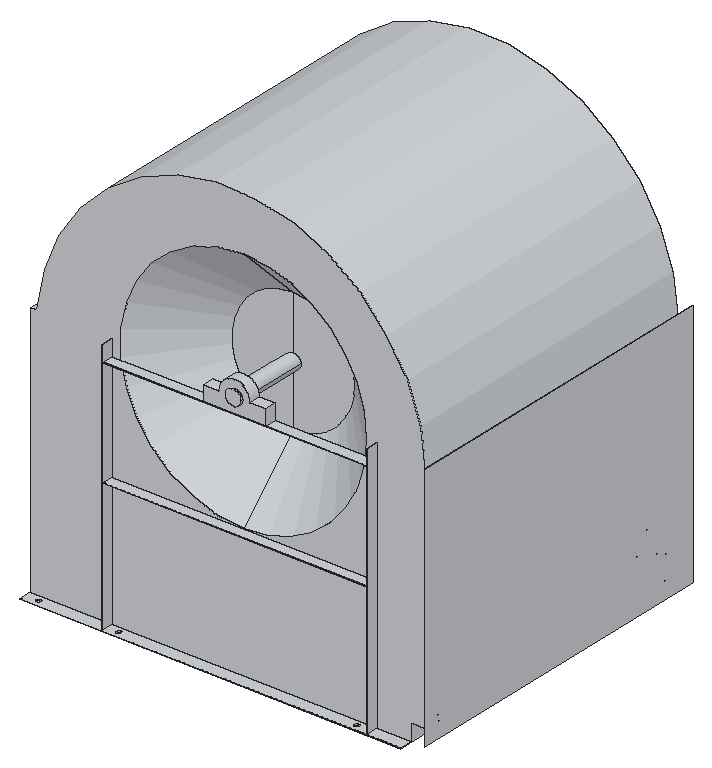
Revit family "CA_DWDI_CW_BHD", category Mechanical Equipment, Revit 2019
Family settings
  Round Connector Dimension = Use Radius
  Part Type = Normal
  Work Plane-Based = No
  Always vertical = Yes
  Cut with Voids When Loaded = No
  Shared = No
  Room Calculation Point = No
Parameters (values of type "490_CA-DWDI_CW_BHD_CLASS_3")
  X/2 = X / 2  # 3' - 2 3/4"
  X = 6' - 5 1/2"
  W/2 = W / 2  # 0' - 0 17/32"
  W = 0' - 1 1/16"
  V = 1' - 6"
  Unit Weight [instance] = ""
  U = 2' - 2 1/2"
  T = 3' - 0 13/16"
  Sones [instance] = ""
  S = 6' - 1 5/8"
  R/2 = R / 2  # 0' - 1 23/32"
  R+R = R + R  # 0' - 6 7/8"
  R = 0' - 3 7/16"
  P-N-M = P - N - M  # 0' - 2 1/2"
  P-N = -(P - N)  # -6' - 6 5/8"
  P = 7' - 6 5/8"
  N = 1' - 0"
  Motor RPM [instance] = ""
  Motor Enclosure [instance] = ""
  ModelID [instance] = ""
  M/2 = M / 2  # 3' - 2 1/16"
  M = 6' - 4 1/8"
  LwA [instance] = ""
  L = M / 2  # 3' - 2 1/16"
  K = 7' - 1"
  J = 3' - 11 9/16"
  INLET/2 = INLET / 2  # 2' - 3 1/2"
  INLET = 4' - 7"
  H = 7' - 5 3/4"
  G/5*3 = INLET / 2  # 2' - 3 1/2"
  G/10*3 = INLET / 4  # 1' - 1 3/4"
  G-2.5" = G - R  # 4' - 5 9/16"
  G-(G/5*3) = G - (INLET / 2)  # 2' - 5 1/2"
  G+((G/5*3)+2") = G + INLET + 0' 2"  # 9' - 6"
  G = 4' - 9"
  Fan RPM [instance] = ""
  F-((D-A)/2) = F - ((D - A) / 2)  # 7' - 10 17/32"
  F = 8' - 0 3/4"
  E/2 = E / 2  # 3' - 1 9/32"
  E = 6' - 2 9/16"
  D/2 = D / 2  # 2' - 3 23/32"
  D = 4' - 7 7/16"
  BHD_L = 0' - 3 3/4"
  B/2 = B / 2  # 2' - 11 1/16"
  B+.25" = B + 0' 0 1/4"  # 5' - 10 3/8"
  B = 5' - 10 1/8"
  Accessories [instance] = ""
  A/2 = A / 2  # 2' - 1 1/2"
  A+.25" = A + 0' 0 1/4"  # 4' - 3 1/4"
  A = 4' - 3"
  3" = 0' - 3"  # constant formula
  Brake Hp [instance] = ""
  4" = 0' - 4"  # constant formula
  2' = 2' - 0"
  2" = 0' - 2"  # constant formula
  1" = 0' - 1"  # constant formula
  0 = 0' - 0"  # constant formula
  Voltage [instance] = 0 V
  URL = "www.lorencook.com"
  Type Comments = "Airfoil Centrifugal Blower Clockwise Bottom Horizontal Arrangement 3 Class 3"
  Static Pressure [instance] = 0.00 in-wg
  Power [instance] = Voltage * Motor FLA * sqrt(if(Phase = 3, 3, 1))  # 0 VA
  Phase [instance] = 0
  Number of Poles [instance] = 1
  Motor Hp [instance] = "0"
  Motor FLA [instance] = 0 A
  Model = "CA DWDI"  # constant formula
  Manufacturer = "Loren Cook Company"
  CFM [instance] = 0 CFM
  1.5 = 0' - 1 1/2"  # constant formula
  ONE EIGTH = 0' - 0 1/8"  # constant formula
  -P = -P  # -7' - 6 5/8"
  -((B+.25")/2) = -((B + 0' 0 1/4") / 2)  # -2' - 11 3/16"
  (M-(B+.25"))/2 = (M - (B + 0' 0 1/4")) / 2  # 0' - 2 7/8"
  (G/5*3)+2" = INLET / 2 + 0' 2"  # 2' - 5 1/2"
  (D-A-.25")/2 = (D - A - 0' 0 1/4") / 2  # 0' - 2 3/32"
  ((B+.25")/2) = ((B + 0' 0 1/4") / 2)  # 2' - 11 3/16"
Reference planes (in)
  plane 1 "Center (Front/Back)": y = 0
  plane 2: z = 0
  plane 3 "Center (Left/Right)": x = 0.40541
Forms (in)
  Extrusion 1, solid
    sketch origin (0, 0, 0) x (1, 0, 0) y (0, 0, 1)
      loop
        arc (41.09291, 55) -> (-1.34287, 96.73845) -> (-45.65709, 57) r 43.47187
        line (-45.65709, 57) -> (-47.15709, 57) -> (-47.15709, 0) -> (37.84291, 0) -> (37.84291, 3.75) -> (42.59291, 3.75) -> (42.59291, 55) -> (41.09291, 55)
    from -35.1875 <- "-((B+.25")/2)" to 35.1875 <- "((B+.25")/2)"
  Revolve 2, void
    sketch origin (0.40541, 0, 0) x (0, 1, 0) y (0, 0, 1)
      loop
        line (35.1875, 84.5) -> (21.4375, 70.75) -> (21.4375, 57) -> (35.1875, 57) -> (35.1875, 84.5)
      loop
        line (-35.1875, 84.5) -> (-35.1875, 57) -> (-21.4375, 57) -> (-21.4375, 70.75) -> (-35.1875, 84.5)
      axis (35.1875, 57) -> (-35.1875, 57)
    angle from 0 to 360
  Extrusion 3, solid
    sketch origin (42.59291, 0, 55) x (0, 0, -1) y (0, 1, 0)
      loop
        line (-2.09375, -37.28125) -> (53.34375, -37.28125) -> (53.34375, 37.28125) -> (-2.09375, 37.28125) -> (-2.09375, -37.28125)
    from 0 to -0.125
  Extrusion 4, solid
    sketch origin (0, 0, 0) x (1, 0, 0) y (0, 1, 0)
      loop
        line (37.84291, 38.0625) -> (-47.15709, 38.0625) -> (-47.15709, 35.1875) -> (37.84291, 35.1875) -> (37.84291, 38.0625)
      loop
        line (-47.15709, -38.0625) -> (37.84291, -38.0625) -> (37.84291, -35.1875) -> (-47.15709, -35.1875) -> (-47.15709, -38.0625)
    from 0 to 0.125
  Extrusion 5, void
    sketch origin (0, 0, 0) x (1, 0, 0) y (0, 1, 0)
      loop
        circle (26.90541, 36.8125) r 0.53125
      loop
        circle (-26.09459, 36.8125) r 0.53125
      loop
        circle (-44.09459, 36.8125) r 0.53125
      loop
        circle (-44.09459, -36.8125) r 0.53125
      loop
        circle (-26.09459, -36.8125) r 0.53125
      loop
        circle (26.90541, -36.8125) r 0.53125
    from 0 to 0.125
  Extrusion 6, solid
    sketch origin (-47.15709, -38.0625, 0) x (1, 0, 0) y (0, 0, 1)
      loop
        circle (47.5625, 57) r 1.71875
    from 0 <- "0" to -90.625 <- "-P"
  Extrusion 7, solid
    sketch origin (0, -35.1875, 0) x (1, 0, 0) y (0, 0, 1)
      loop
        line (29.90541, 57) -> (29.90541, 0) -> (30.03041, 0) -> (30.03041, 57) -> (29.90541, 57)
      loop
        line (-29.09459, 0) -> (-29.09459, 57) -> (-29.21959, 57) -> (-29.21959, 0) -> (-29.09459, 0)
    from 0 to 2.5 <- "P-N-M"
  Extrusion 8, solid
    sketch origin (0, -35.1875, 0) x (1, 0, 0) y (0, 0, 1)
      loop
        line (-29.09459, 29.5) -> (-29.09459, 29.375) -> (29.90541, 29.375) -> (29.90541, 29.5) -> (-29.09459, 29.5)
      loop
        line (29.90541, 53.5625) -> (-29.09459, 53.5625) -> (-29.09459, 53.4375) -> (29.90541, 53.4375) -> (29.90541, 53.5625)
    from 0 to 2.5 <- "P-N-M"
  Extrusion 9, solid
    sketch origin (0, -35.1875, 0) x (1, 0, 0) y (0, 0, 1)
      loop
        arc (3.84291, 57) -> (0.40542, 60.4375) -> (-3.03209, 57.00001) r 3.4375
        line (-3.03209, 57.00001) -> (-6.46959, 57) -> (-6.46959, 53.5625) -> (7.28041, 53.5625) -> (7.28041, 57) -> (3.84291, 57)
    from 0 to 2.5 <- "P-N-M"
  Extrusion 10, solid
    sketch origin (0, 35.1875, 0) x (-1, 0, 0) y (0, 0, 1)
      loop
        line (-29.90541, 0.125) -> (-29.90541, 57) -> (-30.03041, 57) -> (-30.03041, 0.125) -> (-29.90541, 0.125)
      loop
        line (29.09459, 57) -> (29.09459, 0.125) -> (29.21959, 0.125) -> (29.21959, 57) -> (29.09459, 57)
    from 0 to 2.5 <- "P-N-M"
  Extrusion 11, solid
    sketch origin (0, 35.1875, 0) x (-1, 0, 0) y (0, 0, 1)
      loop
        line (29.09459, 53.5625) -> (-29.90541, 53.5625) -> (-29.90541, 53.4375) -> (29.09459, 53.4375) -> (29.09459, 53.5625)
      loop
        line (-29.90541, 29.5) -> (-29.90541, 29.375) -> (29.09459, 29.375) -> (29.09459, 29.5) -> (-29.90541, 29.5)
    from 0 to 2.5 <- "P-N-M"
  Extrusion 12, solid
    sketch origin (0, 35.1875, 0) x (-1, 0, 0) y (0, 0, 1)
      loop
        arc (3.03209, 57) -> (-0.40541, 60.4375) -> (-3.84291, 57) r 3.4375
        line (-3.84291, 57) -> (-7.28041, 57) -> (-7.28041, 53.5625) -> (6.46959, 53.5625) -> (6.46959, 57) -> (3.03209, 57)
    from 0 to 2.5 <- "P-N-M"
Cuts and joins
  Revolve 2, Extrusion 5 cuts Extrusion 1
  Extrusion 5 cuts Extrusion 4
Dimensions and locks (in)
  "A+.25"": Extrusion 1 sketch curve to Extrusion 1 sketch curve
  "0": Extrusion 1 to Revolve 2 sketch curve
  "0": Revolve 2 sketch curve to Extrusion 1
  "G": level to Revolve 2 sketch curve
  "G": Revolve 2 sketch curve to level  (x2)
  "G/10*3": Revolve 2 sketch curve to Revolve 2 sketch curve  (x4)
  "E/2": Extrusion 3 sketch curve to plane 1 "Center (Front/Back)"
  "E/2": plane 1 "Center (Front/Back)" to Extrusion 3 sketch curve
  "D": Extrusion 3 sketch curve to Extrusion 3 sketch curve
  "0": cut or joined group of Extrusion 1, Revolve 2, Extrusion 5 to Extrusion 4 sketch curve  (x3)
  "0": Extrusion 4 sketch curve to cut or joined group of Extrusion 1, Revolve 2, Extrusion 5
  "M/2": Extrusion 4 sketch curve to plane 1 "Center (Front/Back)"
  "M/2": plane 1 "Center (Front/Back)" to Extrusion 4 sketch curve
  "T": plane 1 "Center (Front/Back)" to Extrusion 5 sketch curve  (x3)
  "T": Extrusion 5 sketch curve to plane 1 "Center (Front/Back)"  (x3)
  "U": Extrusion 5 sketch curve to plane 3 "Center (Left/Right)"  (x2)
  "U": plane 3 "Center (Left/Right)" to Extrusion 5 sketch curve  (x2)
  "V": Extrusion 5 sketch curve to Extrusion 5 sketch curve  (x2)
  "G": Extrusion 6 sketch curve to level
  "0": Extrusion 6 sketch curve to plane 3 "Center (Left/Right)"
  "0": Extrusion 7 sketch curve to level  (x2)
  "ONE EIGTH": Extrusion 7 sketch curve to Extrusion 7 sketch curve  (x2)
  "(G/5*3)+2"": Extrusion 7 sketch curve to plane 3 "Center (Left/Right)"
  "(G/5*3)+2"": plane 3 "Center (Left/Right)" to Extrusion 7 sketch curve
  "G": Extrusion 7 sketch curve to level  (x2)
  "(G/5*3)+2"": Extrusion 8 sketch curve to plane 3 "Center (Left/Right)"  (x2)
  "(G/5*3)+2"": plane 3 "Center (Left/Right)" to Extrusion 8 sketch curve  (x2)
  "ONE EIGTH": Extrusion 8 sketch curve to Extrusion 8 sketch curve  (x2)
  "G-(G/5*3)": Extrusion 8 sketch curve to level
  "G-2.5"": Extrusion 8 sketch curve to level
  "R+R": plane 3 "Center (Left/Right)" to Extrusion 9 sketch curve
  "R+R": Extrusion 9 sketch curve to plane 3 "Center (Left/Right)"
  "0": Extrusion 9 sketch curve to plane 3 "Center (Left/Right)"
  "G": Extrusion 9 sketch curve to cut or joined group of Extrusion 4, Extrusion 5
  "0": Extrusion 9 sketch curve to Extrusion 9 sketch curve  (x2)
  "0": Extrusion 9 sketch curve to Extrusion 8
  "ONE EIGTH": level to Extrusion 10 sketch curve  (x2)
  "0": Extrusion 10 sketch curve to Extrusion 7
  "ONE EIGTH": Extrusion 10 sketch curve to Extrusion 10 sketch curve  (x2)
  "(G/5*3)+2"": Extrusion 10 sketch curve to plane 3 "Center (Left/Right)"
  "(G/5*3)+2"": plane 3 "Center (Left/Right)" to Extrusion 10 sketch curve
  "(G/5*3)+2"": Extrusion 11 sketch curve to plane 3 "Center (Left/Right)"  (x2)
  "(G/5*3)+2"": plane 3 "Center (Left/Right)" to Extrusion 11 sketch curve  (x2)
  "ONE EIGTH": Extrusion 11 sketch curve to Extrusion 11 sketch curve  (x2)
  "0": Extrusion 8 to Extrusion 11 sketch curve  (x2)
  "0": Extrusion 12 sketch curve to Extrusion 11
  "G": level to Extrusion 12 sketch curve  (x3)
  "R+R": plane 3 "Center (Left/Right)" to Extrusion 12 sketch curve
  "R+R": Extrusion 12 sketch curve to plane 3 "Center (Left/Right)"
  "0": Extrusion 12 sketch curve to plane 3 "Center (Left/Right)"
  "INLET/2": Revolve 2 sketch curve to Revolve 2 sketch curve  (x2)
  "BHD_L": Extrusion 1 sketch curve to level
  "H": Extrusion 1 sketch curve to Extrusion 1 sketch curve
  "K": Extrusion 1 sketch curve to Extrusion 1 sketch curve
  "J": plane 3 "Center (Left/Right)" to Extrusion 1 sketch curve
  "0": Extrusion 1 sketch curve to level
  "G": Extrusion 1 sketch curve to level
  "1.5": Extrusion 1 sketch curve to Extrusion 1 sketch curve  (x2)
  "F": Extrusion 1 sketch curve to level
  "G": Extrusion 10 sketch curve to level
  "(D-A-.25")/2": cut or joined group of Extrusion 1, Revolve 2, Extrusion 5 to Extrusion 3 sketch curve
  "K": Extrusion 4 sketch curve to Extrusion 4 sketch curve  (x2)
  "W/2": radius of Extrusion 5 sketch curve  (x6)
  "R/2": radius of Extrusion 6 sketch curve
  "R": radius of Extrusion 9 sketch curve
  "R": radius of Extrusion 12 sketch curve
Automatic sketch dimensions
  Extrusion 9 sketch curve to Extrusion 9 sketch curve = 0' - 0"
  plane 1 "Center (Front/Back)" to Revolve 2 sketch curve = 0' - 3.84814"
  Revolve 2 sketch curve to Revolve 2 sketch curve = 0' - 0"
Connectors (in)
  hvac at (0.40541, -35.1875, 57), driven by "INLET/2"
    settings: on cut or joined group of Extrusion 1, Revolve 2, Extrusion 5, index 1, duct flow 0 CFM, flow factor 0, pres drop 0.00 in-wg, loss coef 0, conn angle 0.00°, conn width 12", conn height 12", conn diameter 55", duct sys type 29, conn prof type 0, flow config 0, flow direction 1, loss method 0, conn ref index -1, conn util no, is conn primary yes, conn desc ""
  hvac at (42.59291, 0, 29.375), driven by "A", driven by "B"
    settings: on cut or joined group of Extrusion 1, Revolve 2, Extrusion 5, index 2, duct flow 0 CFM, flow factor 0, pres drop 0.00 in-wg, loss coef 0, conn angle 0.00°, conn width 70 1/8", conn height 51", conn diameter 24", duct sys type 29, conn prof type 1, flow config 0, flow direction 2, loss method 0, conn ref index -1, conn util no, is conn primary no, conn desc ""
  hvac at (0.40541, 35.1875, 57), driven by "INLET/2"
    settings: on cut or joined group of Extrusion 1, Revolve 2, Extrusion 5, index 3, duct flow 0 CFM, flow factor 0, pres drop 0.00 in-wg, loss coef 0, conn angle 0.00°, conn width 12", conn height 12", conn diameter 55", duct sys type 29, conn prof type 0, flow config 0, flow direction 1, loss method 0, conn ref index -1, conn util no, is conn primary no, conn desc ""
Types (61): name | X/2 | X | W/2 | W | V | U | T | S | R/2 | R+R | R | P-N-M | P-N | P | N | M/2 | M | L | K | J | INLET/2 | INLET | H | G/5*3 | G/10*3 | G-2.5" | G-(G/5*3) | G+((G/5*3)+2") | G | F-((D-A)/2) | F | E/2 | E | D/2 | D | BHD_L | B/2 | B+.25" | B | A/2 | A+.25" | A | Type Comments | -P | -((B+.25")/2) | (M-(B+.25"))/2 | (G/5*3)+2" | (D-A-.25")/2 | ((B+.25")/2)
  (no name) | 3' - 2 3/4" | 6' - 5 1/2" | 0' - 0 17/32" | 0' - 1 1/16" | 1' - 6" | 2' - 2 1/2" | 3' - 0 13/16" | 6' - 1 5/8" | 0' - 1 23/32" | 0' - 6 7/8" | 0' - 3 7/16" | 0' - 2 1/2" | -6' - 6 5/8" | 7' - 6 5/8" | 1' - 0" | 3' - 2 1/16" | 6' - 4 1/8" | 3' - 2 1/16" | 7' - 1" | 3' - 11 9/16" | 2' - 3 1/2" | 4' - 7" | 7' - 5 3/4" | 2' - 3 1/2" | 1' - 1 3/4" | 4' - 5 9/16" | 2' - 5 1/2" | 9' - 6" | 4' - 9" | 7' - 10 17/32" | 8' - 0 3/4" | 3' - 1 9/32" | 6' - 2 9/16" | 2' - 3 23/32" | 4' - 7 7/16" | 0' - 3 3/4" | 2' - 11 1/16" | 5' - 10 3/8" | 5' - 10 1/8" | 2' - 1 1/2" | 4' - 3 1/4" | 4' - 3" | "Airfoil Centrifugal Blower Clockwise Bottom Horizontal Arrangement 3 Class 3" | -7' - 6 5/8" | -2' - 11 3/16" | 0' - 2 7/8" | 2' - 5 1/2" | 0' - 2 3/32" | 2' - 11 3/16"
  120_CA-DWDI_CW_BHD_CLASS_1 | 0' - 10 31/32" | 1' - 9 15/16" | 0' - 0 11/32" | 0' - 0 11/16" | 1' - 6" | 0' - 7 1/2" | 0' - 9 31/32" | 1' - 7 15/16" | 0' - 0 23/32" | 0' - 2 7/8" | 0' - 1 7/16" | 0' - 1 1/4" | -1' - 10 15/16" | 2' - 4 11/16" | 0' - 5 3/4" | 0' - 10 27/32" | 1' - 9 11/16" | 0' - 10 27/32" | 1' - 10 1/2" | 1' - 0 3/8" | 0' - 8 1/16" | 1' - 4 1/8" | 2' - 0 1/2" | 0' - 8 1/16" | 0' - 4 1/32" | 1' - 2 9/16" | 0' - 7 15/16" | 2' - 10 1/8" | 1' - 4" | 2' - 0 1/16" | 2' - 1 3/4" | 0' - 10 17/32" | 1' - 9 1/16" | 0' - 7 3/4" | 1' - 3 1/2" | 0' - 2 15/16" | 0' - 8 27/32" | 1' - 5 15/16" | 1' - 5 11/16" | 0' - 6 1/16" | 1' - 0 3/8" | 1' - 0 1/8" | "Airfoil Centrifugal Blower Clockwise Bottom Horizontal Arrangement 3 Class 1" | -2' - 4 11/16" | -0' - 8 31/32" | 0' - 1 7/8" | 0' - 10 1/16" | 0' - 1 9/16" | 0' - 8 31/32"
  135_CA-DWDI_CW_BHD_CLASS_1 | 1' - 0 3/32" | 2' - 0 3/16" | 0' - 0 11/32" | 0' - 0 11/16" | 1' - 6" | 0' - 8 1/2" | 0' - 11 3/32" | 1' - 10 3/16" | 0' - 0 23/32" | 0' - 2 7/8" | 0' - 1 7/16" | 0' - 1 1/4" | -2' - 1 3/16" | 2' - 6 15/16" | 0' - 5 3/4" | 0' - 11 31/32" | 1' - 11 15/16" | 0' - 11 31/32" | 2' - 1" | 1' - 1 7/8" | 0' - 8 13/16" | 1' - 5 5/8" | 2' - 3" | 0' - 8 13/16" | 0' - 4 13/32" | 1' - 3 9/16" | 0' - 8 3/16" | 3' - 0 5/8" | 1' - 5" | 2' - 2 5/16" | 2' - 4" | 0' - 11 21/32" | 1' - 11 5/16" | 0' - 8 1/2" | 1' - 5" | 0' - 2 5/16" | 0' - 9 31/32" | 1' - 8 3/16" | 1' - 7 15/16" | 0' - 6 13/16" | 1' - 1 7/8" | 1' - 1 5/8" | "Airfoil Centrifugal Blower Clockwise Bottom Horizontal Arrangement 3 Class 1" | -2' - 6 15/16" | -0' - 10 3/32" | 0' - 1 7/8" | 0' - 10 13/16" | 0' - 1 9/16" | 0' - 10 3/32"
  150_CA-DWDI_CW_BHD_CLASS_1 | 1' - 1 1/8" | 2' - 2 1/4" | 0' - 0 11/32" | 0' - 0 11/16" | 1' - 6" | 0' - 9" | 1' - 0 1/8" | 2' - 0 1/4" | 0' - 0 27/32" | 0' - 3 3/8" | 0' - 1 11/16" | 0' - 1 5/8" | -2' - 3 5/8" | 2' - 10 1/4" | 0' - 6 5/8" | 1' - 1" | 2' - 2" | 1' - 1" | 2' - 2 7/8" | 1' - 3 3/16" | 0' - 9 9/16" | 1' - 7 1/8" | 2' - 5" | 0' - 9 9/16" | 0' - 4 25/32" | 1' - 5 5/16" | 0' - 9 7/16" | 3' - 4 1/8" | 1' - 7" | 2' - 5 1/2" | 2' - 7 3/16" | 1' - 0 11/16" | 2' - 1 3/8" | 0' - 9 5/16" | 1' - 6 5/8" | 0' - 2 11/16" | 0' - 11" | 1' - 10 1/4" | 1' - 10" | 0' - 7 5/8" | 1' - 3 1/2" | 1' - 3 1/4" | "Airfoil Centrifugal Blower Clockwise Bottom Horizontal Arrangement 3 Class 1" | -2' - 10 1/4" | -0' - 11 1/8" | 0' - 1 7/8" | 0' - 11 9/16" | 0' - 1 9/16" | 0' - 11 1/8"
  165_CA-DWDI_CW_BHD_CLASS_1 | 1' - 2 1/8" | 2' - 4 1/4" | 0' - 0 11/32" | 0' - 0 11/16" | 1' - 6" | 0' - 10" | 1' - 1 1/8" | 2' - 2 1/4" | 0' - 0 27/32" | 0' - 3 3/8" | 0' - 1 11/16" | 0' - 1 5/8" | -2' - 5 5/8" | 3' - 0 1/4" | 0' - 6 5/8" | 1' - 2" | 2' - 4" | 1' - 2" | 2' - 5 1/8" | 1' - 4 5/8" | 0' - 10 19/32" | 1' - 9 3/16" | 2' - 7 1/2" | 0' - 10 19/32" | 0' - 5 19/64" | 1' - 7 5/16" | 0' - 10 13/32" | 3' - 8 3/16" | 1' - 9" | 2' - 8 11/16" | 2' - 10 3/8" | 1' - 1 11/16" | 2' - 3 3/8" | 0' - 10 5/32" | 1' - 8 5/16" | 0' - 3 1/16" | 1' - 0" | 2' - 0 1/4" | 2' - 0" | 0' - 8 15/32" | 1' - 5 3/16" | 1' - 4 15/16" | "Airfoil Centrifugal Blower Clockwise Bottom Horizontal Arrangement 3 Class 1" | -3' - 0 1/4" | -1' - 0 1/8" | 0' - 1 7/8" | 1' - 0 19/32" | 0' - 1 9/16" | 1' - 0 1/8"
  180_CA-DWDI_CW_BHD_CLASS_1 | 1' - 3 5/32" | 2' - 6 5/16" | 0' - 0 11/32" | 0' - 0 11/16" | 1' - 6" | 0' - 11" | 1' - 2 5/32" | 2' - 4 5/16" | 0' - 0 27/32" | 0' - 3 3/8" | 0' - 1 11/16" | 0' - 1 5/8" | -2' - 7 11/16" | 3' - 2 13/16" | 0' - 7 1/8" | 1' - 3 1/32" | 2' - 6 1/16" | 1' - 3 1/32" | 2' - 6 7/8" | 1' - 6 1/8" | 0' - 11 11/32" | 1' - 10 11/16" | 2' - 9 3/4" | 0' - 11 11/32" | 0' - 5 43/64" | 1' - 8 5/16" | 0' - 10 21/32" | 3' - 10 11/16" | 1' - 10" | 2' - 10 15/16" | 3' - 0 5/8" | 1' - 2 23/32" | 2' - 5 7/16" | 0' - 10 15/16" | 1' - 9 7/8" | 0' - 2 7/16" | 1' - 1 1/32" | 2' - 2 5/16" | 2' - 2 1/16" | 0' - 9 1/4" | 1' - 6 3/4" | 1' - 6 1/2" | "Airfoil Centrifugal Blower Clockwise Bottom Horizontal Arrangement 3 Class 1" | -3' - 2 13/16" | -1' - 1 5/32" | 0' - 1 7/8" | 1' - 1 11/32" | 0' - 1 9/16" | 1' - 1 5/32"
  195_CA-DWDI_CW_BHD_CLASS_1 | 1' - 4 11/32" | 2' - 8 11/16" | 0' - 0 11/32" | 0' - 0 11/16" | 0' - 6" | 0' - 11 1/2" | 1' - 3 11/32" | 2' - 6 11/16" | 0' - 0 31/32" | 0' - 3 7/8" | 0' - 1 15/16" | 0' - 2" | -2' - 10 7/16" | 3' - 5 11/16" | 0' - 7 1/4" | 1' - 4 7/32" | 2' - 8 7/16" | 1' - 4 7/32" | 2' - 9" | 1' - 7 7/16" | 1' - 0 3/32" | 2' - 0 3/16" | 3' - 0 1/4" | 1' - 0 3/32" | 0' - 6 3/64" | 1' - 10 1/16" | 0' - 11 29/32" | 4' - 2 3/16" | 2' - 0" | 3' - 2 1/8" | 3' - 3 13/16" | 1' - 3 29/32" | 2' - 7 13/16" | 0' - 11 7/16" | 1' - 10 7/8" | 0' - 2 13/16" | 1' - 2 7/32" | 2' - 4 11/16" | 2' - 4 7/16" | 0' - 9 3/4" | 1' - 7 3/4" | 1' - 7 1/2" | "Airfoil Centrifugal Blower Clockwise Bottom Horizontal Arrangement 3 Class 1" | -3' - 5 11/16" | -1' - 2 11/32" | 0' - 1 7/8" | 1' - 2 3/32" | 0' - 1 9/16" | 1' - 2 11/32"
  210_CA-DWDI_CW_BHD_CLASS_1 | 1' - 5 5/16" | 2' - 10 5/8" | 0' - 0 13/32" | 0' - 0 13/16" | 0' - 7" | 1' - 0" | 1' - 4 5/16" | 2' - 8 5/8" | 0' - 0 31/32" | 0' - 3 7/8" | 0' - 1 15/16" | 0' - 1 7/8" | -3' - 0 1/4" | 3' - 8 1/8" | 0' - 7 7/8" | 1' - 5 3/16" | 2' - 10 3/8" | 1' - 5 3/16" | 3' - 2 7/8" | 1' - 9" | 1' - 0 31/32" | 2' - 1 15/16" | 3' - 5" | 1' - 0 31/32" | 0' - 6 31/64" | 2' - 0 1/16" | 1' - 1 1/32" | 4' - 5 15/16" | 2' - 2" | 3' - 5 3/8" | 3' - 7 1/16" | 1' - 4 7/8" | 2' - 9 3/4" | 1' - 0 1/2" | 2' - 1" | 0' - 3 1/8" | 1' - 3 3/16" | 2' - 6 5/8" | 2' - 6 3/8" | 0' - 10 13/16" | 1' - 9 7/8" | 1' - 9 5/8" | "Airfoil Centrifugal Blower Clockwise Bottom Horizontal Arrangement 3 Class 1" | -3' - 8 1/8" | -1' - 3 5/16" | 0' - 1 7/8" | 1' - 2 31/32" | 0' - 1 9/16" | 1' - 3 5/16"
  225_CA-DWDI_CW_BHD_CLASS_1 | 1' - 6 3/8" | 3' - 0 3/4" | 0' - 0 13/32" | 0' - 0 13/16" | 0' - 7 1/2" | 1' - 0 1/2" | 1' - 5 3/8" | 2' - 10 3/4" | 0' - 0 31/32" | 0' - 3 7/8" | 0' - 1 15/16" | 0' - 3 7/8" | -3' - 4 3/8" | 4' - 0 1/4" | 0' - 7 7/8" | 1' - 6 1/4" | 3' - 0 1/2" | 1' - 6 1/4" | 3' - 5 1/4" | 1' - 10 3/8" | 1' - 1 23/32" | 2' - 3 7/16" | 3' - 7" | 1' - 1 23/32" | 0' - 6 55/64" | 2' - 2 1/16" | 1' - 2 9/32" | 4' - 9 7/16" | 2' - 4" | 3' - 8 9/16" | 3' - 10 1/4" | 1' - 5 15/16" | 2' - 11 7/8" | 1' - 1 9/32" | 2' - 2 9/16" | 0' - 3 1/2" | 1' - 4 1/4" | 2' - 8 3/4" | 2' - 8 1/2" | 0' - 11 19/32" | 1' - 11 7/16" | 1' - 11 3/16" | "Airfoil Centrifugal Blower Clockwise Bottom Horizontal Arrangement 3 Class 1" | -4' - 0 1/4" | -1' - 4 3/8" | 0' - 1 7/8" | 1' - 3 23/32" | 0' - 1 9/16" | 1' - 4 3/8"
  245_CA-DWDI_CW_BHD_CLASS_1 | 1' - 8 21/32" | 3' - 5 5/16" | 0' - 0 13/32" | 0' - 0 13/16" | 0' - 8" | 1' - 1 1/2" | 1' - 6 21/32" | 3' - 1 5/16" | 0' - 1 3/32" | 0' - 4 3/8" | 0' - 2 3/16" | 0' - 2 1/8" | -3' - 5 3/16" | 4' - 1 13/16" | 0' - 8 5/8" | 1' - 7 17/32" | 3' - 3 1/16" | 1' - 7 17/32" | 3' - 7 5/8" | 2' - 0 1/4" | 1' - 2 23/32" | 2' - 5 7/16" | 3' - 10" | 1' - 2 23/32" | 0' - 7 23/64" | 2' - 3 13/16" | 1' - 3 9/32" | 5' - 1 7/16" | 2' - 6" | 4' - 0 3/16" | 4' - 1 7/8" | 1' - 7 7/32" | 3' - 2 7/16" | 1' - 2 7/16" | 2' - 4 7/8" | 0' - 3 3/8" | 1' - 5 17/32" | 2' - 11 5/16" | 2' - 11 1/16" | 1' - 0 3/4" | 2' - 1 3/4" | 2' - 1 1/2" | "Airfoil Centrifugal Blower Clockwise Bottom Horizontal Arrangement 3 Class 1" | -4' - 1 13/16" | -1' - 5 21/32" | 0' - 1 7/8" | 1' - 4 23/32" | 0' - 1 9/16" | 1' - 5 21/32"
  270_CA-DWDI_CW_BHD_CLASS_1 | 1' - 10 27/32" | 3' - 9 11/16" | 0' - 0 13/32" | 0' - 0 13/16" | 0' - 9" | 1' - 3" | 1' - 8 27/32" | 3' - 5 11/16" | 0' - 1 3/32" | 0' - 4 3/8" | 0' - 2 3/16" | 0' - 2 1/8" | -3' - 9 9/16" | 4' - 6 3/16" | 0' - 8 5/8" | 1' - 9 23/32" | 3' - 7 7/16" | 1' - 9 23/32" | 3' - 11 1/8" | 2' - 2 5/8" | 1' - 3 31/32" | 2' - 7 15/16" | 4' - 2" | 1' - 3 31/32" | 0' - 7 63/64" | 2' - 6 13/16" | 1' - 5 1/32" | 5' - 6 15/16" | 2' - 9" | 4' - 5 1/4" | 4' - 6 15/16" | 1' - 9 13/32" | 3' - 6 13/16" | 1' - 3 7/16" | 2' - 6 7/8" | 0' - 3 5/8" | 1' - 7 23/32" | 3' - 3 11/16" | 3' - 3 7/16" | 1' - 1 3/4" | 2' - 3 3/4" | 2' - 3 1/2" | "Airfoil Centrifugal Blower Clockwise Bottom Horizontal Arrangement 3 Class 1" | -4' - 6 3/16" | -1' - 7 27/32" | 0' - 1 7/8" | 1' - 5 31/32" | 0' - 1 9/16" | 1' - 7 27/32"
  300_CA-DWDI_CW_BHD_CLASS_1 | 2' - 0 5/8" | 4' - 1 1/4" | 0' - 0 13/32" | 0' - 0 13/16" | 0' - 10" | 1' - 4 1/2" | 1' - 10 5/8" | 3' - 9 1/4" | 0' - 1 7/32" | 0' - 4 7/8" | 0' - 2 7/16" | 0' - 2 1/4" | -4' - 1 1/4" | 4' - 10 1/2" | 0' - 9 1/4" | 1' - 11 1/2" | 3' - 11" | 1' - 11 1/2" | 4' - 4" | 2' - 5 1/2" | 1' - 5 15/32" | 2' - 10 15/16" | 4' - 7 3/8" | 1' - 5 15/32" | 0' - 8 47/64" | 2' - 9 9/16" | 1' - 6 17/32" | 6' - 0 15/16" | 3' - 0" | 4' - 10 21/32" | 5' - 0 3/8" | 1' - 11 7/32" | 3' - 10 7/16" | 1' - 5 5/16" | 2' - 10 5/8" | 0' - 3 3/8" | 1' - 9 1/2" | 3' - 7 1/4" | 3' - 7" | 1' - 3 19/32" | 2' - 7 7/16" | 2' - 7 3/16" | "Airfoil Centrifugal Blower Clockwise Bottom Horizontal Arrangement 3 Class 1" | -4' - 10 1/2" | -1' - 9 5/8" | 0' - 1 7/8" | 1' - 7 15/32" | 0' - 1 19/32" | 1' - 9 5/8"
  330_CA-DWDI_CW_BHD_CLASS_1 | 2' - 2 23/32" | 4' - 5 7/16" | 0' - 0 13/32" | 0' - 0 13/16" | 1' - 0" | 1' - 6" | 2' - 0 21/32" | 4' - 1 5/16" | 0' - 1 11/32" | 0' - 5 3/8" | 0' - 2 11/16" | 0' - 2 7/16" | -4' - 5 1/2" | 5' - 3 9/16" | 0' - 10 1/16" | 2' - 1 17/32" | 4' - 3 1/16" | 2' - 1 17/32" | 4' - 9" | 2' - 8 5/16" | 1' - 6 31/32" | 3' - 1 15/16" | 5' - 0 3/4" | 1' - 6 31/32" | 0' - 9 31/64" | 3' - 0 5/16" | 1' - 8 1/32" | 6' - 6 15/16" | 3' - 3" | 5' - 3 19/32" | 5' - 5 13/16" | 2' - 1 3/4" | 4' - 3 1/2" | 1' - 7 15/32" | 3' - 2 15/16" | 0' - 3 1/8" | 1' - 11 17/32" | 3' - 11 5/16" | 3' - 11 1/16" | 1' - 5 1/4" | 2' - 10 3/4" | 2' - 10 1/2" | "Airfoil Centrifugal Blower Clockwise Bottom Horizontal Arrangement 3 Class 1" | -5' - 3 9/16" | -1' - 11 21/32" | 0' - 1 7/8" | 1' - 8 31/32" | 0' - 2 3/32" | 1' - 11 21/32"
  365_CA-DWDI_CW_BHD_CLASS_1 | 2' - 5 9/32" | 4' - 10 9/16" | 0' - 0 13/32" | 0' - 0 13/16" | 1' - 1" | 1' - 8" | 2' - 3 7/32" | 4' - 6 7/16" | 0' - 1 3/32" | 0' - 4 3/8" | 0' - 2 3/16" | 0' - 2 13/16" | -4' - 11" | 5' - 9 5/16" | 0' - 10 5/16" | 2' - 4 3/32" | 4' - 8 3/16" | 2' - 4 3/32" | 5' - 3" | 2' - 11 9/16" | 1' - 8 23/32" | 3' - 5 7/16" | 5' - 7" | 1' - 8 23/32" | 0' - 10 23/64" | 3' - 4 13/16" | 1' - 10 9/32" | 7' - 2 7/16" | 3' - 7" | 5' - 10 13/32" | 6' - 0 5/8" | 2' - 4 5/16" | 4' - 8 5/8" | 1' - 9 9/16" | 3' - 7 1/8" | 0' - 3 1/4" | 2' - 2 3/32" | 4' - 4 7/16" | 4' - 4 3/16" | 1' - 7 11/32" | 3' - 2 15/16" | 3' - 2 11/16" | "Airfoil Centrifugal Blower Clockwise Bottom Horizontal Arrangement 3 Class 1" | -5' - 9 5/16" | -2' - 2 7/32" | 0' - 1 7/8" | 1' - 10 23/32" | 0' - 2 3/32" | 2' - 2 7/32"
  402_CA-DWDI_CW_BHD_CLASS_1 | 2' - 8 19/32" | 5' - 5 3/16" | 0' - 0 17/32" | 0' - 1 1/16" | 1' - 2" | 1' - 10" | 2' - 6 21/32" | 5' - 1 5/16" | 0' - 1 7/32" | 0' - 4 7/8" | 0' - 2 7/16" | 0' - 1 7/8" | -5' - 5 11/16" | 6' - 3 11/16" | 0' - 10" | 2' - 7 29/32" | 5' - 3 13/16" | 2' - 7 29/32" | 5' - 9" | 3' - 3 3/16" | 1' - 10 19/32" | 3' - 9 3/16" | 6' - 1 7/8" | 1' - 10 19/32" | 0' - 11 19/64" | 3' - 8 9/16" | 2' - 0 13/32" | 7' - 10 3/16" | 3' - 11" | 6' - 5 13/32" | 6' - 7 5/8" | 2' - 7 1/8" | 5' - 2 1/4" | 1' - 11 3/32" | 3' - 10 3/16" | 0' - 3 1/4" | 2' - 4 29/32" | 4' - 10 1/16" | 4' - 9 13/16" | 1' - 8 7/8" | 3' - 6" | 3' - 5 3/4" | "Airfoil Centrifugal Blower Clockwise Bottom Horizontal Arrangement 3 Class 1" | -6' - 3 11/16" | -2' - 5 1/32" | 0' - 2 7/8" | 2' - 0 19/32" | 0' - 2 3/32" | 2' - 5 1/32"
  445_CA-DWDI_CW_BHD_CLASS_1 | 2' - 11 13/16" | 5' - 11 5/8" | 0' - 0 17/32" | 0' - 1 1/16" | 1' - 4" | 2' - 0" | 2' - 9 7/8" | 5' - 7 3/4" | 0' - 1 7/32" | 0' - 4 7/8" | 0' - 2 7/16" | 0' - 1 3/4" | -6' - 0" | 6' - 10 5/8" | 0' - 10 5/8" | 2' - 11 1/8" | 5' - 10 1/4" | 2' - 11 1/8" | 6' - 5" | 3' - 7 3/16" | 2' - 0 23/32" | 4' - 1 7/16" | 6' - 9 1/2" | 2' - 0 23/32" | 1' - 0 23/64" | 4' - 1 9/16" | 2' - 3 9/32" | 8' - 7 7/16" | 4' - 4" | 7' - 1 29/32" | 7' - 4 1/8" | 2' - 10 11/32" | 5' - 8 11/16" | 2' - 1 3/16" | 4' - 2 3/8" | 0' - 3 5/8" | 2' - 8 1/8" | 5' - 4 1/2" | 5' - 4 1/4" | 1' - 10 31/32" | 3' - 10 3/16" | 3' - 9 15/16" | "Airfoil Centrifugal Blower Clockwise Bottom Horizontal Arrangement 3 Class 1" | -6' - 10 5/8" | -2' - 8 1/4" | 0' - 2 7/8" | 2' - 2 23/32" | 0' - 2 3/32" | 2' - 8 1/4"
  490_CA-DWDI_CW_BHD_CLASS_1 | 3' - 2 3/4" | 6' - 5 1/2" | 0' - 0 17/32" | 0' - 1 1/16" | 1' - 6" | 2' - 2 1/2" | 3' - 0 13/16" | 6' - 1 5/8" | 0' - 1 15/32" | 0' - 5 7/8" | 0' - 2 15/16" | 0' - 1 7/8" | -6' - 6" | 7' - 5 1/2" | 0' - 11 1/2" | 3' - 2 1/16" | 6' - 4 1/8" | 3' - 2 1/16" | 7' - 1" | 3' - 11 9/16" | 2' - 3 1/2" | 4' - 7" | 7' - 5 3/4" | 2' - 3 1/2" | 1' - 1 3/4" | 4' - 6 1/16" | 2' - 5 1/2" | 9' - 6" | 4' - 9" | 7' - 10 17/32" | 8' - 0 3/4" | 3' - 1 9/32" | 6' - 2 9/16" | 2' - 3 23/32" | 4' - 7 7/16" | 0' - 3 3/4" | 2' - 11 1/16" | 5' - 10 3/8" | 5' - 10 1/8" | 2' - 1 1/2" | 4' - 3 1/4" | 4' - 3" | "Airfoil Centrifugal Blower Clockwise Bottom Horizontal Arrangement 3 Class 1" | -7' - 5 1/2" | -2' - 11 3/16" | 0' - 2 7/8" | 2' - 5 1/2" | 0' - 2 3/32" | 2' - 11 3/16"
  540_CA-DWDI_CW_BHD_CLASS_1 | 3' - 8 5/32" | 7' - 4 5/16" | 0' - 0 17/32" | 0' - 1 1/16" | 1' - 8" | 2' - 5" | 3' - 4 23/32" | 6' - 9 7/16" | 0' - 1 23/32" | 0' - 6 7/8" | 0' - 3 7/16" | 0' - 1 15/16" | -7' - 1 7/8" | 8' - 2 5/16" | 1' - 0 7/16" | 3' - 5 31/32" | 6' - 11 15/16" | 3' - 5 31/32" | 7' - 10" | 4' - 4 1/4" | 2' - 6" | 5' - 0" | 8' - 2 3/4" | 2' - 6" | 1' - 3" | 4' - 10 9/16" | 2' - 8" | 10' - 4" | 5' - 2" | 8' - 7 19/32" | 8' - 9 13/16" | 3' - 5 3/16" | 6' - 10 3/8" | 2' - 6 3/32" | 5' - 0 3/16" | 0' - 3 1/4" | 3' - 2 31/32" | 6' - 6 3/16" | 6' - 5 15/16" | 2' - 3 7/8" | 4' - 8" | 4' - 7 3/4" | "Airfoil Centrifugal Blower Clockwise Bottom Horizontal Arrangement 3 Class 1" | -8' - 2 5/16" | -3' - 3 3/32" | 0' - 2 7/8" | 2' - 8" | 0' - 2 3/32" | 3' - 3 3/32"
  600_CA-DWDI_CW_BHD_CLASS_1 | 4' - 0 5/16" | 8' - 0 5/8" | 0' - 0 17/32" | 0' - 1 1/16" | 1' - 10" | 2' - 8" | 3' - 8 7/8" | 7' - 5 3/4" | 0' - 1 23/32" | 0' - 6 7/8" | 0' - 3 7/16" | 0' - 2 1/4" | -7' - 10 1/2" | 8' - 11 1/2" | 1' - 1" | 3' - 10 1/8" | 7' - 8 1/4" | 3' - 10 1/8" | 8' - 9" | 4' - 9 15/16" | 2' - 9" | 5' - 6" | 9' - 1 5/8" | 2' - 9" | 1' - 4 1/2" | 5' - 5 9/16" | 3' - 0" | 11' - 5" | 5' - 9" | 9' - 7 15/32" | 9' - 9 11/16" | 3' - 9 11/32" | 7' - 6 11/16" | 2' - 9 5/16" | 5' - 6 5/8" | 0' - 3 3/4" | 3' - 7 1/8" | 7' - 2 1/2" | 7' - 2 1/4" | 2' - 7 3/32" | 5' - 2 7/16" | 5' - 2 3/16" | "Airfoil Centrifugal Blower Clockwise Bottom Horizontal Arrangement 3 Class 1" | -8' - 11 1/2" | -3' - 7 1/4" | 0' - 2 7/8" | 2' - 11" | 0' - 2 3/32" | 3' - 7 1/4"
  660_CA-DWDI_CW_BHD_CLASS_1 | 4' - 4 5/8" | 8' - 9 1/4" | 0' - 0 17/32" | 0' - 1 1/16" | 2' - 1" | 2' - 11" | 4' - 1 3/16" | 8' - 2 3/8" | 0' - 1 31/32" | 0' - 7 7/8" | 0' - 3 15/16" | 0' - 2 3/16" | -8' - 7 1/16" | 9' - 9 7/8" | 1' - 2 13/16" | 4' - 2 7/16" | 8' - 4 7/8" | 4' - 2 7/16" | 9' - 8" | 5' - 3 3/4" | 3' - 0" | 6' - 0" | 10' - 0 5/8" | 3' - 0" | 1' - 6" | 5' - 11 1/16" | 3' - 3" | 12' - 5" | 6' - 3" | 10' - 6 11/32" | 10' - 8 9/16" | 4' - 1 21/32" | 8' - 3 5/16" | 3' - 0 7/16" | 6' - 0 7/8" | 0' - 3 1/4" | 3' - 11 7/16" | 7' - 11 1/8" | 7' - 10 7/8" | 2' - 10 7/32" | 5' - 8 11/16" | 5' - 8 7/16" | "Airfoil Centrifugal Blower Clockwise Bottom Horizontal Arrangement 3 Class 1" | -9' - 9 7/8" | -3' - 11 9/16" | 0' - 2 7/8" | 3' - 2" | 0' - 2 3/32" | 3' - 11 9/16"
  730 _CA-DWDI_CW_BHD_CLASS_1 | 4' - 9 9/16" | 9' - 7 1/8" | 0' - 0 17/32" | 0' - 1 1/16" | 2' - 4" | 3' - 2 1/2" | 4' - 6 1/8" | 9' - 0 1/4" | 0' - 2 7/32" | 0' - 8 7/8" | 0' - 4 7/16" | 0' - 2 3/16" | -9' - 4 15/16" | 10' - 9 1/4" | 1' - 4 5/16" | 4' - 7 3/8" | 9' - 2 3/4" | 4' - 7 3/8" | 10' - 9" | 5' - 10 3/8" | 3' - 3 1/2" | 6' - 7" | 11' - 1 1/4" | 3' - 3 1/2" | 1' - 7 3/4" | 6' - 6 9/16" | 3' - 7 1/2" | 13' - 8" | 6' - 11" | 11' - 8 1/32" | 11' - 10 1/4" | 4' - 6 19/32" | 9' - 1 3/16" | 3' - 4 1/8" | 6' - 8 1/4" | 0' - 3 5/8" | 4' - 4 3/8" | 8' - 9" | 8' - 8 3/4" | 3' - 1 29/32" | 6' - 4 1/16" | 6' - 3 13/16" | "Airfoil Centrifugal Blower Clockwise Bottom Horizontal Arrangement 3 Class 1" | -10' - 9 1/4" | -4' - 4 1/2" | 0' - 2 7/8" | 3' - 5 1/2" | 0' - 2 3/32" | 4' - 4 1/2"
  120_CA-DWDI_CW_BHD_CLASS_2 | 0' - 10 31/32" | 1' - 9 15/16" | 0' - 0 11/32" | 0' - 0 11/16" | 1' - 6" | 0' - 7 1/2" | 0' - 9 31/32" | 1' - 7 15/16" | 0' - 0 27/32" | 0' - 3 3/8" | 0' - 1 11/16" | 0' - 1 5/8" | -1' - 11 5/16" | 2' - 5 7/16" | 0' - 6 1/8" | 0' - 10 27/32" | 1' - 9 11/16" | 0' - 10 27/32" | 1' - 10 1/2" | 1' - 0 3/8" | 0' - 8 1/16" | 1' - 4 1/8" | 2' - 0 1/2" | 0' - 8 1/16" | 0' - 4 1/32" | 1' - 2 5/16" | 0' - 7 15/16" | 2' - 10 1/8" | 1' - 4" | 2' - 0 1/16" | 2' - 1 3/4" | 0' - 10 17/32" | 1' - 9 1/16" | 0' - 7 3/4" | 1' - 3 1/2" | 0' - 2 15/16" | 0' - 8 27/32" | 1' - 5 15/16" | 1' - 5 11/16" | 0' - 6 1/16" | 1' - 0 3/8" | 1' - 0 1/8" | "Airfoil Centrifugal Blower Clockwise Bottom Horizontal Arrangement 3 Class 2" | -2' - 5 7/16" | -0' - 8 31/32" | 0' - 1 7/8" | 0' - 10 1/16" | 0' - 1 9/16" | 0' - 8 31/32"
  120_CA-DWDI_CW_BHD_CLASS_3 | 0' - 10 31/32" | 1' - 9 15/16" | 0' - 0 11/32" | 0' - 0 11/16" | 1' - 6" | 0' - 7 1/2" | 0' - 9 31/32" | 1' - 7 15/16" | 0' - 0 31/32" | 0' - 3 7/8" | 0' - 1 15/16" | 0' - 1 7/8" | -1' - 11 9/16" | 2' - 5 15/16" | 0' - 6 3/8" | 0' - 10 27/32" | 1' - 9 11/16" | 0' - 10 27/32" | 1' - 10 1/2" | 1' - 0 3/8" | 0' - 8 1/16" | 1' - 4 1/8" | 2' - 0 1/2" | 0' - 8 1/16" | 0' - 4 1/32" | 1' - 2 1/16" | 0' - 7 15/16" | 2' - 10 1/8" | 1' - 4" | 2' - 0 1/16" | 2' - 1 3/4" | 0' - 10 17/32" | 1' - 9 1/16" | 0' - 7 3/4" | 1' - 3 1/2" | 0' - 2 15/16" | 0' - 8 27/32" | 1' - 5 15/16" | 1' - 5 11/16" | 0' - 6 1/16" | 1' - 0 3/8" | 1' - 0 1/8" | "Airfoil Centrifugal Blower Clockwise Bottom Horizontal Arrangement 3 Class 3" | -2' - 5 15/16" | -0' - 8 31/32" | 0' - 1 7/8" | 0' - 10 1/16" | 0' - 1 9/16" | 0' - 8 31/32"
  135_CA-DWDI_CW_BHD_CLASS_2 | 1' - 0 3/32" | 2' - 0 3/16" | 0' - 0 11/32" | 0' - 0 11/16" | 1' - 6" | 0' - 8 1/2" | 0' - 11 3/32" | 1' - 10 3/16" | 0' - 0 27/32" | 0' - 3 3/8" | 0' - 1 11/16" | 0' - 1 5/8" | -2' - 1 9/16" | 2' - 7 11/16" | 0' - 6 1/8" | 0' - 11 31/32" | 1' - 11 15/16" | 0' - 11 31/32" | 2' - 1" | 1' - 1 7/8" | 0' - 8 13/16" | 1' - 5 5/8" | 2' - 3" | 0' - 8 13/16" | 0' - 4 13/32" | 1' - 3 5/16" | 0' - 8 3/16" | 3' - 0 5/8" | 1' - 5" | 2' - 2 5/16" | 2' - 4" | 0' - 11 21/32" | 1' - 11 5/16" | 0' - 8 1/2" | 1' - 5" | 0' - 2 5/16" | 0' - 9 31/32" | 1' - 8 3/16" | 1' - 7 15/16" | 0' - 6 13/16" | 1' - 1 7/8" | 1' - 1 5/8" | "Airfoil Centrifugal Blower Clockwise Bottom Horizontal Arrangement 3 Class 2" | -2' - 7 11/16" | -0' - 10 3/32" | 0' - 1 7/8" | 0' - 10 13/16" | 0' - 1 9/16" | 0' - 10 3/32"
  135_CA-DWDI_CW_BHD_CLASS_3 | 1' - 0 3/32" | 2' - 0 3/16" | 0' - 0 11/32" | 0' - 0 11/16" | 1' - 6" | 0' - 8 1/2" | 0' - 11 3/32" | 1' - 10 3/16" | 0' - 1 3/32" | 0' - 4 3/8" | 0' - 2 3/16" | 0' - 2 1/8" | -2' - 2 1/16" | 2' - 8 11/16" | 0' - 6 5/8" | 0' - 11 31/32" | 1' - 11 15/16" | 0' - 11 31/32" | 2' - 1" | 1' - 1 7/8" | 0' - 8 13/16" | 1' - 5 5/8" | 2' - 3" | 0' - 8 13/16" | 0' - 4 13/32" | 1' - 2 13/16" | 0' - 8 3/16" | 3' - 0 5/8" | 1' - 5" | 2' - 2 5/16" | 2' - 4" | 0' - 11 21/32" | 1' - 11 5/16" | 0' - 8 1/2" | 1' - 5" | 0' - 2 5/16" | 0' - 9 31/32" | 1' - 8 3/16" | 1' - 7 15/16" | 0' - 6 13/16" | 1' - 1 7/8" | 1' - 1 5/8" | "Airfoil Centrifugal Blower Clockwise Bottom Horizontal Arrangement 3 Class 3" | -2' - 8 11/16" | -0' - 10 3/32" | 0' - 1 7/8" | 0' - 10 13/16" | 0' - 1 9/16" | 0' - 10 3/32"
  150_CA-DWDI_CW_BHD_CLASS_2 | 1' - 1 1/8" | 2' - 2 1/4" | 0' - 0 11/32" | 0' - 0 11/16" | 1' - 6" | 0' - 9" | 1' - 0 1/8" | 2' - 0 1/4" | 0' - 0 31/32" | 0' - 3 7/8" | 0' - 1 15/16" | 0' - 1 7/8" | -2' - 3 7/8" | 2' - 10 3/4" | 0' - 6 7/8" | 1' - 1" | 2' - 2" | 1' - 1" | 2' - 2 7/8" | 1' - 3 3/16" | 0' - 9 9/16" | 1' - 7 1/8" | 2' - 5" | 0' - 9 9/16" | 0' - 4 25/32" | 1' - 5 1/16" | 0' - 9 7/16" | 3' - 4 1/8" | 1' - 7" | 2' - 5 1/2" | 2' - 7 3/16" | 1' - 0 11/16" | 2' - 1 3/8" | 0' - 9 5/16" | 1' - 6 5/8" | 0' - 2 11/16" | 0' - 11" | 1' - 10 1/4" | 1' - 10" | 0' - 7 5/8" | 1' - 3 1/2" | 1' - 3 1/4" | "Airfoil Centrifugal Blower Clockwise Bottom Horizontal Arrangement 3 Class 2" | -2' - 10 3/4" | -0' - 11 1/8" | 0' - 1 7/8" | 0' - 11 9/16" | 0' - 1 9/16" | 0' - 11 1/8"
  150_CA-DWDI_CW_BHD_CLASS_3 | 1' - 1 1/8" | 2' - 2 1/4" | 0' - 0 11/32" | 0' - 0 11/16" | 1' - 6" | 0' - 9" | 1' - 0 1/8" | 2' - 0 1/4" | 0' - 1 7/32" | 0' - 4 7/8" | 0' - 2 7/16" | 0' - 2 1/4" | -2' - 4 1/4" | 2' - 11 1/2" | 0' - 7 1/4" | 1' - 1" | 2' - 2" | 1' - 1" | 2' - 2 7/8" | 1' - 3 3/16" | 0' - 9 9/16" | 1' - 7 1/8" | 2' - 5" | 0' - 9 9/16" | 0' - 4 25/32" | 1' - 4 9/16" | 0' - 9 7/16" | 3' - 4 1/8" | 1' - 7" | 2' - 5 1/2" | 2' - 7 3/16" | 1' - 0 11/16" | 2' - 1 3/8" | 0' - 9 5/16" | 1' - 6 5/8" | 0' - 2 11/16" | 0' - 11" | 1' - 10 1/4" | 1' - 10" | 0' - 7 5/8" | 1' - 3 1/2" | 1' - 3 1/4" | "Airfoil Centrifugal Blower Clockwise Bottom Horizontal Arrangement 3 Class 3" | -2' - 11 1/2" | -0' - 11 1/8" | 0' - 1 7/8" | 0' - 11 9/16" | 0' - 1 9/16" | 0' - 11 1/8"
  165_CA-DWDI_CW_BHD_CLASS_2 | 1' - 2 1/8" | 2' - 4 1/4" | 0' - 0 11/32" | 0' - 0 11/16" | 1' - 6" | 0' - 10" | 1' - 1 1/8" | 2' - 2 1/4" | 0' - 0 31/32" | 0' - 3 7/8" | 0' - 1 15/16" | 0' - 1 7/8" | -2' - 5 7/8" | 3' - 0 3/4" | 0' - 6 7/8" | 1' - 2" | 2' - 4" | 1' - 2" | 2' - 5 1/8" | 1' - 4 5/8" | 0' - 10 19/32" | 1' - 9 3/16" | 2' - 7 1/2" | 0' - 10 19/32" | 0' - 5 19/64" | 1' - 7 1/16" | 0' - 10 13/32" | 3' - 8 3/16" | 1' - 9" | 2' - 8 11/16" | 2' - 10 3/8" | 1' - 1 11/16" | 2' - 3 3/8" | 0' - 10 5/32" | 1' - 8 5/16" | 0' - 3 1/16" | 1' - 0" | 2' - 0 1/4" | 2' - 0" | 0' - 8 15/32" | 1' - 5 3/16" | 1' - 4 15/16" | "Airfoil Centrifugal Blower Clockwise Bottom Horizontal Arrangement 3 Class 2" | -3' - 0 3/4" | -1' - 0 1/8" | 0' - 1 7/8" | 1' - 0 19/32" | 0' - 1 9/16" | 1' - 0 1/8"
  165_CA-DWDI_CW_BHD_CLASS_3 | 1' - 2 1/8" | 2' - 4 1/4" | 0' - 0 11/32" | 0' - 0 11/16" | 1' - 6" | 0' - 10" | 1' - 1 1/8" | 2' - 2 1/4" | 0' - 1 7/32" | 0' - 4 7/8" | 0' - 2 7/16" | 0' - 2 5/16" | -2' - 6 5/16" | 3' - 1 1/2" | 0' - 7 3/16" | 1' - 2" | 2' - 4" | 1' - 2" | 2' - 5 1/8" | 1' - 4 5/8" | 0' - 10 19/32" | 1' - 9 3/16" | 2' - 7 1/2" | 0' - 10 19/32" | 0' - 5 19/64" | 1' - 6 9/16" | 0' - 10 13/32" | 3' - 8 3/16" | 1' - 9" | 2' - 8 11/16" | 2' - 10 3/8" | 1' - 1 11/16" | 2' - 3 3/8" | 0' - 10 5/32" | 1' - 8 5/16" | 0' - 3 1/16" | 1' - 0" | 2' - 0 1/4" | 2' - 0" | 0' - 8 15/32" | 1' - 5 3/16" | 1' - 4 15/16" | "Airfoil Centrifugal Blower Clockwise Bottom Horizontal Arrangement 3 Class 3" | -3' - 1 1/2" | -1' - 0 1/8" | 0' - 1 7/8" | 1' - 0 19/32" | 0' - 1 9/16" | 1' - 0 1/8"
  180_CA-DWDI_CW_BHD_CLASS_2 | 1' - 3 5/32" | 2' - 6 5/16" | 0' - 0 11/32" | 0' - 0 11/16" | 1' - 6" | 0' - 11" | 1' - 2 5/32" | 2' - 4 5/16" | 0' - 0 31/32" | 0' - 3 7/8" | 0' - 1 15/16" | 0' - 1 7/8" | -2' - 7 15/16" | 3' - 3 5/16" | 0' - 7 3/8" | 1' - 3 1/32" | 2' - 6 1/16" | 1' - 3 1/32" | 2' - 6 7/8" | 1' - 6 1/8" | 0' - 11 11/32" | 1' - 10 11/16" | 2' - 9 3/4" | 0' - 11 11/32" | 0' - 5 43/64" | 1' - 8 1/16" | 0' - 10 21/32" | 3' - 10 11/16" | 1' - 10" | 2' - 10 15/16" | 3' - 0 5/8" | 1' - 2 23/32" | 2' - 5 7/16" | 0' - 10 15/16" | 1' - 9 7/8" | 0' - 2 7/16" | 1' - 1 1/32" | 2' - 2 5/16" | 2' - 2 1/16" | 0' - 9 1/4" | 1' - 6 3/4" | 1' - 6 1/2" | "Airfoil Centrifugal Blower Clockwise Bottom Horizontal Arrangement 3 Class 2" | -3' - 3 5/16" | -1' - 1 5/32" | 0' - 1 7/8" | 1' - 1 11/32" | 0' - 1 9/16" | 1' - 1 5/32"
  180_CA-DWDI_CW_BHD_CLASS_3 | 1' - 3 5/32" | 2' - 6 5/16" | 0' - 0 11/32" | 0' - 0 11/16" | 1' - 6" | 0' - 11" | 1' - 2 5/32" | 2' - 4 5/16" | 0' - 1 7/32" | 0' - 4 7/8" | 0' - 2 7/16" | 0' - 2 1/4" | -2' - 8 5/16" | 3' - 4 1/16" | 0' - 7 3/4" | 1' - 3 1/32" | 2' - 6 1/16" | 1' - 3 1/32" | 2' - 6 7/8" | 1' - 6 1/8" | 0' - 11 11/32" | 1' - 10 11/16" | 2' - 9 3/4" | 0' - 11 11/32" | 0' - 5 43/64" | 1' - 7 9/16" | 0' - 10 21/32" | 3' - 10 11/16" | 1' - 10" | 2' - 10 15/16" | 3' - 0 5/8" | 1' - 2 23/32" | 2' - 5 7/16" | 0' - 10 15/16" | 1' - 9 7/8" | 0' - 2 7/16" | 1' - 1 1/32" | 2' - 2 5/16" | 2' - 2 1/16" | 0' - 9 1/4" | 1' - 6 3/4" | 1' - 6 1/2" | "Airfoil Centrifugal Blower Clockwise Bottom Horizontal Arrangement 3 Class 3" | -3' - 4 1/16" | -1' - 1 5/32" | 0' - 1 7/8" | 1' - 1 11/32" | 0' - 1 9/16" | 1' - 1 5/32"
  195_CA-DWDI_CW_BHD_CLASS_2 | 1' - 4 11/32" | 2' - 8 11/16" | 0' - 0 11/32" | 0' - 0 11/16" | 0' - 6" | 0' - 11 1/2" | 1' - 3 11/32" | 2' - 6 11/16" | 0' - 1 3/32" | 0' - 4 3/8" | 0' - 2 3/16" | 0' - 2 1/8" | -2' - 10 9/16" | 3' - 6 3/16" | 0' - 7 5/8" | 1' - 4 7/32" | 2' - 8 7/16" | 1' - 4 7/32" | 2' - 9" | 1' - 7 7/16" | 1' - 0 3/32" | 2' - 0 3/16" | 3' - 0 1/4" | 1' - 0 3/32" | 0' - 6 3/64" | 1' - 9 13/16" | 0' - 11 29/32" | 4' - 2 3/16" | 2' - 0" | 3' - 2 1/8" | 3' - 3 13/16" | 1' - 3 29/32" | 2' - 7 13/16" | 0' - 11 7/16" | 1' - 10 7/8" | 0' - 2 13/16" | 1' - 2 7/32" | 2' - 4 11/16" | 2' - 4 7/16" | 0' - 9 3/4" | 1' - 7 3/4" | 1' - 7 1/2" | "Airfoil Centrifugal Blower Clockwise Bottom Horizontal Arrangement 3 Class 2" | -3' - 6 3/16" | -1' - 2 11/32" | 0' - 1 7/8" | 1' - 2 3/32" | 0' - 1 9/16" | 1' - 2 11/32"
  195_CA-DWDI_CW_BHD_CLASS_3 | 1' - 4 11/32" | 2' - 8 11/16" | 0' - 0 11/32" | 0' - 0 11/16" | 0' - 6" | 0' - 11 1/2" | 1' - 3 11/32" | 2' - 6 11/16" | 0' - 1 11/32" | 0' - 5 3/8" | 0' - 2 11/16" | 0' - 2 1/2" | -2' - 10 15/16" | 3' - 6 15/16" | 0' - 8" | 1' - 4 7/32" | 2' - 8 7/16" | 1' - 4 7/32" | 2' - 9" | 1' - 7 7/16" | 1' - 0 3/32" | 2' - 0 3/16" | 3' - 0 1/4" | 1' - 0 3/32" | 0' - 6 3/64" | 1' - 9 5/16" | 0' - 11 29/32" | 4' - 2 3/16" | 2' - 0" | 3' - 2 1/8" | 3' - 3 13/16" | 1' - 3 29/32" | 2' - 7 13/16" | 0' - 11 7/16" | 1' - 10 7/8" | 0' - 2 13/16" | 1' - 2 7/32" | 2' - 4 11/16" | 2' - 4 7/16" | 0' - 9 3/4" | 1' - 7 3/4" | 1' - 7 1/2" | "Airfoil Centrifugal Blower Clockwise Bottom Horizontal Arrangement 3 Class 3" | -3' - 6 15/16" | -1' - 2 11/32" | 0' - 1 7/8" | 1' - 2 3/32" | 0' - 1 9/16" | 1' - 2 11/32"
  210_CA-DWDI_CW_BHD_CLASS_2 | 1' - 5 5/16" | 2' - 10 5/8" | 0' - 0 13/32" | 0' - 0 13/16" | 0' - 7" | 1' - 0" | 1' - 4 5/16" | 2' - 8 5/8" | 0' - 1 3/32" | 0' - 4 3/8" | 0' - 2 3/16" | 0' - 2 1/8" | -3' - 0 1/2" | 3' - 8 5/8" | 0' - 8 1/8" | 1' - 5 3/16" | 2' - 10 3/8" | 1' - 5 3/16" | 3' - 2 7/8" | 1' - 9" | 1' - 0 31/32" | 2' - 1 15/16" | 3' - 5" | 1' - 0 31/32" | 0' - 6 31/64" | 1' - 11 13/16" | 1' - 1 1/32" | 4' - 5 15/16" | 2' - 2" | 3' - 5 3/8" | 3' - 7 1/16" | 1' - 4 7/8" | 2' - 9 3/4" | 1' - 0 1/2" | 2' - 1" | 0' - 3 1/8" | 1' - 3 3/16" | 2' - 6 5/8" | 2' - 6 3/8" | 0' - 10 13/16" | 1' - 9 7/8" | 1' - 9 5/8" | "Airfoil Centrifugal Blower Clockwise Bottom Horizontal Arrangement 3 Class 2" | -3' - 8 5/8" | -1' - 3 5/16" | 0' - 1 7/8" | 1' - 2 31/32" | 0' - 1 9/16" | 1' - 3 5/16"
  210_CA-DWDI_CW_BHD_CLASS_3 | 1' - 5 5/16" | 2' - 10 5/8" | 0' - 0 13/32" | 0' - 0 13/16" | 0' - 7" | 1' - 0" | 1' - 4 5/16" | 2' - 8 5/8" | 0' - 1 11/32" | 0' - 5 3/8" | 0' - 2 11/16" | 0' - 2 1/2" | -3' - 0 7/8" | 3' - 9 3/8" | 0' - 8 1/2" | 1' - 5 3/16" | 2' - 10 3/8" | 1' - 5 3/16" | 3' - 2 7/8" | 1' - 9" | 1' - 0 31/32" | 2' - 1 15/16" | 3' - 5" | 1' - 0 31/32" | 0' - 6 31/64" | 1' - 11 5/16" | 1' - 1 1/32" | 4' - 5 15/16" | 2' - 2" | 3' - 5 3/8" | 3' - 7 1/16" | 1' - 4 7/8" | 2' - 9 3/4" | 1' - 0 1/2" | 2' - 1" | 0' - 3 1/8" | 1' - 3 3/16" | 2' - 6 5/8" | 2' - 6 3/8" | 0' - 10 13/16" | 1' - 9 7/8" | 1' - 9 5/8" | "Airfoil Centrifugal Blower Clockwise Bottom Horizontal Arrangement 3 Class 3" | -3' - 9 3/8" | -1' - 3 5/16" | 0' - 1 7/8" | 1' - 2 31/32" | 0' - 1 9/16" | 1' - 3 5/16"
  225_CA-DWDI_CW_BHD_CLASS_2 | 1' - 6 3/8" | 3' - 0 3/4" | 0' - 0 13/32" | 0' - 0 13/16" | 0' - 7 1/2" | 1' - 0 1/2" | 1' - 5 3/8" | 2' - 10 3/4" | 0' - 1 7/32" | 0' - 4 7/8" | 0' - 2 7/16" | 0' - 2 1/4" | -3' - 2 3/4" | 3' - 11" | 0' - 8 1/4" | 1' - 6 1/4" | 3' - 0 1/2" | 1' - 6 1/4" | 3' - 5 1/4" | 1' - 10 3/8" | 1' - 1 23/32" | 2' - 3 7/16" | 3' - 7" | 1' - 1 23/32" | 0' - 6 55/64" | 2' - 1 9/16" | 1' - 2 9/32" | 4' - 9 7/16" | 2' - 4" | 3' - 8 9/16" | 3' - 10 1/4" | 1' - 5 15/16" | 2' - 11 7/8" | 1' - 1 9/32" | 2' - 2 9/16" | 0' - 3 1/2" | 1' - 4 1/4" | 2' - 8 3/4" | 2' - 8 1/2" | 0' - 11 19/32" | 1' - 11 7/16" | 1' - 11 3/16" | "Airfoil Centrifugal Blower Clockwise Bottom Horizontal Arrangement 3 Class 2" | -3' - 11" | -1' - 4 3/8" | 0' - 1 7/8" | 1' - 3 23/32" | 0' - 1 9/16" | 1' - 4 3/8"
  225_CA-DWDI_CW_BHD_CLASS_3 | 1' - 6 3/8" | 3' - 0 3/4" | 0' - 0 13/32" | 0' - 0 13/16" | 0' - 7 1/2" | 1' - 0 1/2" | 1' - 5 3/8" | 2' - 10 3/4" | 0' - 1 15/32" | 0' - 5 7/8" | 0' - 2 15/16" | 0' - 2 1/2" | -3' - 3" | 3' - 11 1/2" | 0' - 8 1/2" | 1' - 6 1/4" | 3' - 0 1/2" | 1' - 6 1/4" | 3' - 5 1/4" | 1' - 10 3/8" | 1' - 1 23/32" | 2' - 3 7/16" | 3' - 7" | 1' - 1 23/32" | 0' - 6 55/64" | 2' - 1 1/16" | 1' - 2 9/32" | 4' - 9 7/16" | 2' - 4" | 3' - 8 9/16" | 3' - 10 1/4" | 1' - 5 15/16" | 2' - 11 7/8" | 1' - 1 9/32" | 2' - 2 9/16" | 0' - 3 1/2" | 1' - 4 1/4" | 2' - 8 3/4" | 2' - 8 1/2" | 0' - 11 19/32" | 1' - 11 7/16" | 1' - 11 3/16" | "Airfoil Centrifugal Blower Clockwise Bottom Horizontal Arrangement 3 Class 3" | -3' - 11 1/2" | -1' - 4 3/8" | 0' - 1 7/8" | 1' - 3 23/32" | 0' - 1 9/16" | 1' - 4 3/8"
